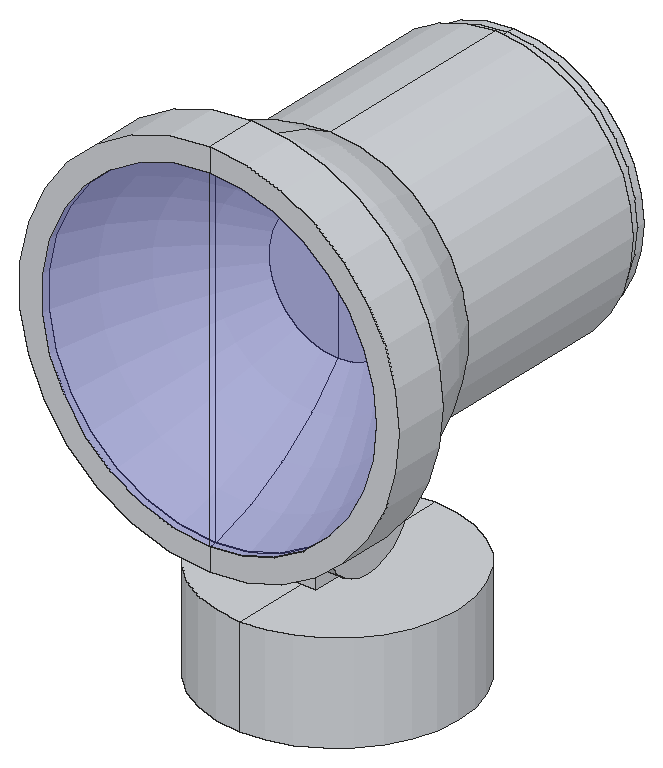
Revit family "77700_HOST_FACE", category Lighting Fixtures, host Face, Revit 2012
Parameters (values of type "Small Scale Floodlights")
  Wattage = 13.4642 W
  built-in parameter 1150110 = 1 (stored number, unit not read)
  URL = "www.bega-us.com"
  built-in parameter 1114217 = 1 (stored number, unit not read)
  Tilt Angle = 90.00°
  built-in parameter 1150109 = 1 (stored number, unit not read)
  built-in parameter 1150134 = 12
  Telephone = "805.684.0533"
  built-in parameter 1150113 = 1 (stored number, unit not read)
  Photometric Web File = "77700.IES"
  Model = "77700"
  Manufacturer = "BEGA-US"
  built-in parameter 1150105 = 159.15 (stored number, unit not read)
  Lumens = 2000 lm
  built-in parameter 1150115 = 1 (stored number, unit not read)
  built-in parameter 1150137 = (empty or 0)
  built-in parameter 1150139 = (empty or 0)
  built-in parameter 1150112 = 1 (stored number, unit not read)
  built-in parameter 1150114 = 1 (stored number, unit not read)
  Lamp = "26W LED"
  built-in parameter 1150132 = 2
  built-in parameter 1150102 = (empty or 0)
  built-in parameter 1150107 = 4000 (stored number, unit not read)
  built-in parameter 1150138 = (empty or 0)
  built-in parameter 1150106 = 1.5915 (stored number, unit not read)
  built-in parameter 1150104 = 13.8 (stored number, unit not read)
  Dimming Lamp Color Temperature Shift = <None>
  Description = "Small Scale Floodlight"
  Default Elevation = 0' - 0"
  Color Filter = 16777215
  built-in parameter 1114218 = 1 (stored number, unit not read)
  built-in parameter 1150133 = 10 (stored number, unit not read)
Reference planes (in)
  plane 1 "Center (Front/Back)": y = 0
  plane 2: z = 0
  plane 3 "Center (Left/Right)": x = 0
Forms (in)
  Revolve 1, solid
    sketch origin (0, 0, 0) x (0, 1, 0) y (0, 0, 1)
      loop
        line (0, 0) -> (0, 1.625) -> (-2, 1.625) -> (-2, 0) -> (0, 0)
      axis (0, 0) -> (0, 1.625)
    angle from 0 to 360
  Extrusion 2, solid
    sketch origin (0, 0, -0.125) x (0, 1, 0) y (0, 0, 1)
      loop
        circle (0, 2.625) r 0.875
    from -0.5 to 0.5
  Revolve 3, solid
    sketch origin (0, 0, 0) x (0, 1, 0) y (0, 0, 1)
      loop
        line (-2.625, 8.875) -> (-2.625, 8.5) -> (-2.5, 8.5)
        arc (-2.5, 8.5) -> (-1.11081, 7.90257) -> (0, 6.87648) r 4.47401
        line (0, 6.87648) -> (0, 5.75) -> (3.875, 5.75)
        arc (3.875, 5.75) -> (3.83655, 6.82268) -> (3.625, 7.875) r 6.61054
        line (3.625, 7.875) -> (3.5, 7.875) -> (3.25, 7.875) -> (3.25, 8) -> (-0.125, 8)
        arc (-0.125, 8) -> (-0.89991, 8.37217) -> (-1.75, 8.5) r 2.89062
        line (-1.75, 8.5) -> (-1.75, 8.875) -> (-2.625, 8.875)
      axis (3.875, 5.75) -> (-2.625, 5.75)
    angle from 0 to 360
  Extrusion 4, solid
    sketch origin (0, 0, 0) x (0, 1, 0) y (0, 0, 1)
      loop
        line (0, 1.625) -> (0.75, 1.625) -> (0.75, 2.04931) -> (0.75, 3.51503) -> (-0.75, 3.51503) -> (-0.75, 2.04931) -> (-0.75, 1.625) -> (0, 1.625)
    from -0.25 to 0.25
  Revolve 5, solid, material "Glass"
    sketch origin (0, 0, 0) x (0, 1, 0) y (0, 0, 1)
      loop
        line (-2.625, 8.5) -> (-2.625, 5.75) -> (-2.5, 5.75) -> (-2.5, 8.5) -> (-2.625, 8.5)
      axis (-2.5, 5.75) -> (-2.625, 5.75)
    angle from 0 to 360
Dimensions and locks (in)
  aligned and locked: plane 2 to host face
  aligned and locked: level to host face
Connectors (in)
  electrical at (0, 0, 0)
    settings: on host face, index 1, voltage 0 V, apparent load 0 VA, apparent load phase1 0 VA, apparent load phase2 0 VA, apparent load phase3 0 VA, power factor 1, load classification "Other", number of poles 1, system type 31, power factor state 1, is connector primary yes, connector utility no, sub classification motor no, connector description ""
